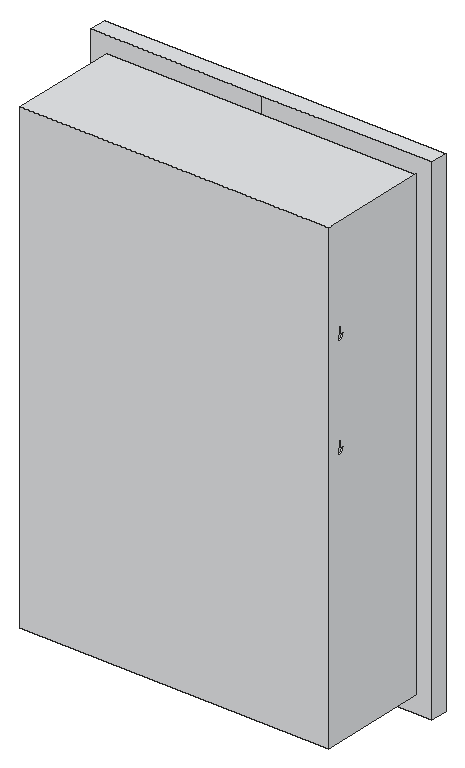
Revit family "Silver Stainless Steel Recessed Panel With Paper Dispenser_IN", category Generic Models, host Wall, Revit 2017
Family settings
  Host = Wall
  Can host rebar = No
  Round Connector Dimension = Use Diameter
  Part Type = Normal
  Always vertical = Yes
  Cut with Voids When Loaded = No
  Shared = No
  Room Calculation Point = No
Parameters (values of type "Type 1")
  Website = "https://dolphy.in/"  # constant formula
  Contact number = "+91 9520202035"  # constant formula
  Contact email = "info@dolphy.in"  # constant formula
  Company name = "Dolphy India"  # constant formula
Reference planes
  plane 1 "Wall": y = 0
  plane 2 "Center (Left/Right)": x = 125
  plane 3 "Back": y = 75
Forms (mm)
  Extrusion 1, void
    sketch origin (0, 0, 0) x (1, 0, 0) y (0, 0, 1)
      loop
        line (261, 426.5) -> (-11, 426.5) -> (-11, 14.5) -> (261, 14.5) -> (261, 426.5)
    from -75 to 21
Text (mm)
  text "Placement Side" at (-1848.837, 1116.779, 0), in view "Ref. Level"
  text "Placement side" at (0, 1409.804, 2854.306), in view "Left"
  text "Placement side" at (0, 499.811, 2980.732), in view "Right"
Dimensions and locks
  locked: plane 3 "Back" to host wall
  aligned and locked: plane 1 "Wall" to host wall
  aligned and locked: nested 1 to plane 2 "Center (Left/Right)"
  aligned and locked: nested 1 to plane 3 "Back"
  aligned and locked: host wall to Extrusion 1
  aligned and locked: Extrusion 1 to nested 1  (x5)
Nested families
  nested 1: "Silver Stainless Steel Recessed Panel With Paper Dispenser_IN" at (125, 75, 0) x (-1, 0, 0) z (0, 0, 1), type "Silver Stainless Steel Recessed Panel With Paper Dispenser_IN"
Definition of nested family "Silver Stainless Steel Recessed Panel With Paper Dispenser_IN"
  Parameters (values of type "Silver Stainless Steel Recessed Panel With Paper Dispenser_IN")
    Website = "https://dolphy.in/"  # constant formula
    M&L = none
    Contact number = "+91 9520202035"  # constant formula
    Contact email = "info@dolphy.in"  # constant formula
    Company name = "Dolphy India"  # constant formula
  Reference planes
    plane 1 "Center (Front/Back)": y = 0
    plane 2: z = 0
    plane 3 "Center (Left/Right)": x = 0
  Forms (mm)
    Extrusion 1, solid, material <- "M&L"
      sketch origin (0, 0, 0) x (1, 0, 0) y (0, 1, 0)
        loop
          line (0, 0) -> (-150.5, 0) -> (-150.5, -15) -> (0, -15) -> (150.5, -15) -> (150.5, 0) -> (0, 0)
      from 0 to 441
    Extrusion 2, solid, material <- "M&L"
      sketch origin (2.625, 0, 0) x (1, 0, 0) y (0, 0, -1)
        loop
          line (-138.625, -426.5) -> (133.375, -426.5) -> (133.375, -14.5) -> (-138.625, -14.5) -> (-138.625, -426.5)
        loop
          line (-133.625, -421.5) -> (128.375, -421.5) -> (128.375, -19.5) -> (-133.625, -19.5) -> (-133.625, -421.5)
      from 0 to 96
    Extrusion 3, void
      sketch origin (-150.5, -15, 0) x (-1, 0, 0) y (0, 0, 1)
        loop
          line (-35, 175) -> (-266, 175)
          arc (-266, 175) -> (-273.071, 172.071) -> (-276, 165) r 10
          line (-276, 165) -> (-276, 35)
          arc (-276, 35) -> (-273.071, 27.929) -> (-266, 25) r 10
          line (-266, 25) -> (-35, 25)
          arc (-35, 25) -> (-27.929, 27.929) -> (-25, 35) r 10
          line (-25, 35) -> (-25, 165)
          arc (-25, 165) -> (-27.929, 172.071) -> (-35, 175) r 10
      from 0 to 83.867
    Extrusion 4, solid, material <- "M&L"
      sketch origin (2.625, 0, 0) x (1, 0, 0) y (0, 0, -1)
        loop
          line (122.875, -360) -> (122.875, -35)
          arc (122.875, -35) -> (119.946, -27.929) -> (112.875, -25) r 10
          line (112.875, -25) -> (-118.125, -25)
          arc (-118.125, -25) -> (-125.196, -27.929) -> (-128.125, -35) r 10
          line (-128.125, -35) -> (-128.125, -360) -> (122.875, -360)
        loop
          line (124.875, -362) -> (124.875, -35)
          arc (124.875, -35) -> (121.36, -26.515) -> (112.875, -23) r 12
          line (112.875, -23) -> (-118.125, -23)
          arc (-118.125, -23) -> (-126.61, -26.515) -> (-130.125, -35) r 12
          line (-130.125, -35) -> (-130.125, -362) -> (124.875, -362)
      from 0 to 90
    Extrusion 5, void
      sketch origin (-150.5, -15, 0) x (-1, 0, 0) y (0, 0, 1)
        loop
          arc (-146.701, 255.723) -> (-150.5, 259.522) -> (-154.299, 255.723) r 3.799
          line (-154.299, 255.723) -> (-154.299, 208.805)
          arc (-154.299, 208.805) -> (-150.5, 205.006) -> (-146.701, 208.805) r 3.799
          line (-146.701, 208.805) -> (-146.701, 255.723)
      from 0 to 15
    Sweep 6, solid, material <- "M&L"
      path in 3D
        loop
          line (-130, -15, 175) -> (0, -15, 175) -> (130, -15, 175)
      profile origin (-65, -15, 175) x (0, -1, 0) y (0, 0, -1)
        loop
          line (-0.356, 0.13) -> (-103.366, 37.622) -> (-104.05, 35.743) -> (-1.04, -1.75) -> (-0.356, 0.13)
    Extrusion 7, solid, material <- "M&L"
      sketch origin (-150.5, -15, 0) x (1, 0, 0) y (0, 0, 1)
        loop
          circle (39.296, 264.568) r 10
        loop
          line (33.163, 266.104) -> (33.163, 263.951) -> (45.69, 263.951) -> (45.69, 266.104) -> (33.163, 266.104)
      from 0 to 2.5
    Extrusion 8, void
      sketch origin (-130, 88.366, 137.378) x (-1, 0, 0) y (0, -0.939693, 0.34202)
        loop
          arc (-49.711, 41.699) -> (-42.677, 47.31) -> (-48.288, 54.344) r 6.362
          line (-48.288, 54.344) -> (-87.222, 54.344)
          spline (-87.222, 54.344) -> (-92.097, 57.097) -> (-96.519, 59.544) -> (-100.571, 61.683) -> (-104.337, 63.511) -> (-107.898, 65.027) -> (-111.338, 66.228) -> (-114.739, 67.112) -> (-118.127, 67.698) -> (-121.43, 68.043) -> (-124.565, 68.208) -> (-127.45, 68.255) -> (-130, 68.244)
          spline (-130, 68.244) -> (-132.55, 68.255) -> (-135.435, 68.208) -> (-138.57, 68.043) -> (-141.873, 67.698) -> (-145.261, 67.112) -> (-148.662, 66.228) -> (-152.102, 65.027) -> (-155.663, 63.511) -> (-159.429, 61.683) -> (-163.481, 59.544) -> (-167.903, 57.097) -> (-172.778, 54.344)
          line (-172.778, 54.344) -> (-211.712, 54.344)
          arc (-211.712, 54.344) -> (-217.323, 47.31) -> (-210.289, 41.699) r 6.362
          line (-210.289, 41.699) -> (-172.778, 41.699)
          spline (-172.778, 41.699) -> (-167.903, 38.947) -> (-163.481, 36.5) -> (-159.429, 34.361) -> (-155.663, 32.532) -> (-152.102, 31.016) -> (-148.662, 29.815) -> (-145.261, 28.931) -> (-141.873, 28.346) -> (-138.57, 28.001) -> (-135.435, 27.835) -> (-132.55, 27.789) -> (-130, 27.8)
          spline (-130, 27.8) -> (-127.45, 27.789) -> (-124.565, 27.835) -> (-121.43, 28.001) -> (-118.127, 28.346) -> (-114.739, 28.931) -> (-111.338, 29.815) -> (-107.898, 31.016) -> (-104.337, 32.532) -> (-100.571, 34.361) -> (-96.519, 36.5) -> (-92.097, 38.947) -> (-87.222, 41.699)
          line (-87.222, 41.699) -> (-49.711, 41.699)
      from 0 to 13.751
    Extrusion 9, solid, material <- "M&L"
      sketch origin (2.625, 96, 0) x (1, 0, 0) y (0, 0, -1)
        loop
          line (128.375, -421.5) -> (128.375, -19.5) -> (-133.625, -19.5) -> (-133.625, -421.5) -> (128.375, -421.5)
      from 0 to -1.2
    Extrusion 10, void
      sketch origin (-136, 0, 0) x (0, 0, -1) y (0, 1, 0)
        loop
          arc (-337.148, 81.954) -> (-331.362, 83.067) -> (-337.148, 84.18) r 3
          line (-337.148, 84.18) -> (-342.148, 84.18)
          arc (-342.148, 84.18) -> (-343.261, 83.067) -> (-342.148, 81.954) r 1.113
          line (-342.148, 81.954) -> (-337.148, 81.954)
        loop
          arc (-247.148, 81.954) -> (-241.362, 83.067) -> (-247.148, 84.18) r 3
          line (-247.148, 84.18) -> (-252.148, 84.18)
          arc (-252.148, 84.18) -> (-253.261, 83.067) -> (-252.148, 81.954) r 1.113
          line (-252.148, 81.954) -> (-247.148, 81.954)
      from 0 to 2
  Cuts and joins
    Extrusion 8 cuts Sweep 6
    Extrusion 10 cuts Extrusion 2
    joined: Extrusion 2, Extrusion 9
    Extrusion 3, Extrusion 5 cuts Extrusion 1
    Extrusion 10 cuts Extrusion 4
    joined: Extrusion 1, Extrusion 4
  Lines and regions (mm)
    sketch lines
      curve 1: line (-130, -15, 175) -> (0, -15, 175)
      curve 2: line (0, -15, 175) -> (130, -15, 175)
  Dimensions and locks
    Extrusion 1 to Extrusion 3 sketch curve = 25 mm  (x3)
    Extrusion 3 sketch curve to Extrusion 3 sketch curve = 150 mm
    cut or joined group of Extrusion 2, Extrusion 9, Extrusion 10 to cut or joined group of Extrusion 2, Extrusion 9, Extrusion 10 = 412 mm
    aligned and locked: level to plane 2
